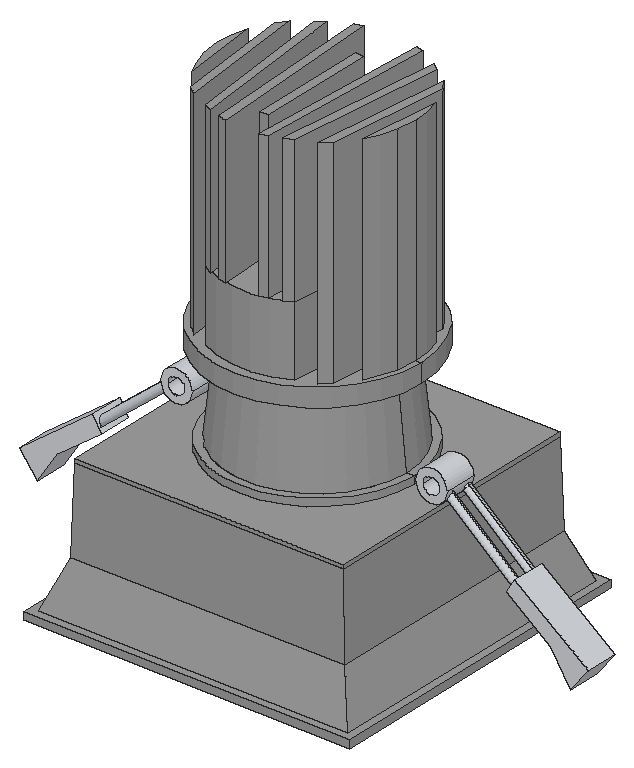
Revit family "Alcon-14119-S-DIR-Revit-Family", category Lighting Fixtures, host Ceiling, Revit 2021
Family settings
  Host = Ceiling
  Round Connector Dimension = Use Diameter
  Part Type = Normal
  OmniClass Number = 23.80.70.11
  OmniClass Title = Luminaries for Internal Lighting
  Always vertical = Yes
  Cut with Voids When Loaded = No
  Light Source = Yes
  Shared = No
  Room Calculation Point = No
Parameters (values of type "Type 1")
  Wattage = 9.2903 W
  built-in parameter 1150110 = 1 (stored number, unit not read)
  built-in parameter 1114217 = 1 (stored number, unit not read)
  Tilt Angle = 60.00°
  built-in parameter 1150109 = 1 (stored number, unit not read)
  built-in parameter 1150134 = (empty or 0)
  built-in parameter 1150113 = 1 (stored number, unit not read)
  built-in parameter 1010507 = 1.5708 (stored number, unit not read)
  built-in parameter 1010506 = 0.5236 (stored number, unit not read)
  Product Identity = "Alcon Lighting 14119-S-DIR"
  Metal = none
  Manufacturer = "Alcon Light"
  Lumens = 1380 lm
  built-in parameter 1150115 = 1 (stored number, unit not read)
  built-in parameter 1150105 = 4614.1 (stored number, unit not read)
  Link To Product Page = "https://www.alconlighting.com/14119-s-dir-html.html"
  Light Source Symbol Length = 10' - 0"
  Light Source = Light Source
  built-in parameter 1150137 = (empty or 0)
  built-in parameter 1150139 = (empty or 0)
  Lens = none
  built-in parameter 1150112 = 1 (stored number, unit not read)
  built-in parameter 1150114 = 1 (stored number, unit not read)
  built-in parameter 1150132 = 2
  built-in parameter 1150102 = (empty or 0)
  built-in parameter 1150138 = (empty or 0)
  built-in parameter 1150107 = 3000 (stored number, unit not read)
  built-in parameter 1150106 = 46.141 (stored number, unit not read)
  Housing = Default
  Engine = Default
  built-in parameter 1150104 = 13.8 (stored number, unit not read)
  Dimming Lamp Color Temperature Shift = <None>
  Default Elevation = 0' - 0"
  Color Filter = 16777215
  built-in parameter 1114218 = 1 (stored number, unit not read)
  built-in parameter 1150133 = 10 (stored number, unit not read)
Reference planes (in)
  plane 1 "Light Source Axis (F/B)": y = 0
  plane 2: z = 0
  plane 3 "Light Source Axis (L/R)": x = 0
  plane 4 "Ceiling": z = 157.73031
  plane 5 "Light Source Elevation": z = 157.10531
Forms (in)
  Extrusion 1, solid, material "Default" <- "Engine"
    sketch origin (0, 0, 164.21946) x (0, 1, 0) y (1, 0, 0)
      loop
        line (0.54725, -0.04227) -> (0.54725, 0.04227) -> (-0.6794, 0.04227) -> (-0.6794, -0.04227) -> (0.54725, -0.04227)
      loop
        arc (0.90894, -0.35207) -> (0.92388, -0.31078) -> (0.93694, -0.26885) r 0.97475
        line (0.93694, -0.26885) -> (-0.95991, -0.16944)
        arc (-0.95991, -0.16944) -> (-0.9513, -0.2125) -> (-0.94076, -0.25513) r 0.97475
        line (-0.94076, -0.25513) -> (0.90894, -0.35207)
      loop
        arc (0.74434, -0.62938) -> (0.77537, -0.59072) -> (0.80448, -0.5506) r 1.0159
        line (0.80448, -0.5506) -> (-0.90125, -0.37132)
        arc (-0.90125, -0.37132) -> (-0.88122, -0.41663) -> (-0.85891, -0.46087) r 0.97475
        line (-0.85891, -0.46087) -> (0.74434, -0.62938)
      loop
        line (0.90894, 0.35207) -> (-0.94076, 0.25513)
        arc (-0.94076, 0.25513) -> (-0.9513, 0.2125) -> (-0.95991, 0.16944) r 0.97475
        line (-0.95991, 0.16944) -> (0.93694, 0.26885)
        arc (0.93694, 0.26885) -> (0.92388, 0.31078) -> (0.90894, 0.35207) r 0.97475
      loop
        line (0.74432, 0.62938) -> (-0.85891, 0.46087)
        arc (-0.85891, 0.46087) -> (-0.88122, 0.41663) -> (-0.90125, 0.37132) r 0.97475
        line (-0.90125, 0.37132) -> (0.80435, 0.55059)
        arc (0.80435, 0.55059) -> (0.77534, 0.59075) -> (0.74432, 0.62938) r 0.97475
    from 1.67915 to 3.17257
  Extrusion 2, solid, material "Default" <- "Engine"
    sketch origin (0, 0, 164.21946) x (0, 1, 0) y (1, 0, 0)
      loop
        arc (0.53357, -0.86451) -> (0.58706, -0.82911) -> (0.63822, -0.79041) r 1.0159
        line (0.63822, -0.79041) -> (-0.78861, -0.64044)
        arc (-0.78861, -0.64044) -> (-0.74661, -0.68893) -> (-0.70165, -0.73468) r 1.0159
        line (-0.70165, -0.73468) -> (0.53357, -0.86451)
      loop
        arc (0, -1.0159) -> (0.16178, -1.00294) -> (0.31943, -0.96438) r 1.0159
        line (0.31943, -0.96438) -> (-0.51295, -0.87689)
        arc (-0.51295, -0.87689) -> (-0.36677, -0.94739) -> (-0.21122, -0.9937) r 1.0159
        line (-0.21122, -0.9937) -> (0, -1.0159)
      loop
        line (0.53357, 0.86451) -> (-0.70165, 0.73468)
        arc (-0.70165, 0.73468) -> (-0.74661, 0.68893) -> (-0.78861, 0.64044) r 1.0159
        line (-0.78861, 0.64044) -> (0.63822, 0.79041)
        arc (0.63822, 0.79041) -> (0.58706, 0.82911) -> (0.53357, 0.86451) r 1.0159
      loop
        line (0, 1.0159) -> (-0.21122, 0.9937)
        arc (-0.21122, 0.9937) -> (-0.36677, 0.94739) -> (-0.51295, 0.87689) r 1.0159
        line (-0.51295, 0.87689) -> (0.31943, 0.96438)
        arc (0.31943, 0.96438) -> (0.16178, 1.00294) -> (0, 1.0159) r 1.0159
    from 1.67915 to 3.88825
  Extrusion 3, solid, material "Default" <- "Engine"
    sketch origin (0, 0, 159.04883) x (0, 1, 0) y (-1, 0, 0)
      loop
        arc (0.74432, -0.62938) -> (0.97475, 0) -> (0.74432, 0.62938) r 0.97475
        line (0.74432, 0.62938) -> (-0.85891, 0.46087)
        arc (-0.85891, 0.46087) -> (-0.97475, 0) -> (-0.85891, -0.46087) r 0.97475
        line (-0.85891, -0.46087) -> (0.74432, -0.62938)
    from 1.28238 to 1.99807
  Extrusion 4, solid, material <- "Metal"
    sketch origin (-0.20757, 0, 0.08951) x (1, 0, 0) y (0, 0, 1)
      loop
        circle (-1.10049, 159.26129) r 0.16048
      loop
        circle (-1.10049, 159.26129) r 0.08524
    from -0.16797 to 0.16797
  Extrusion 5, solid, material <- "Metal"
    sketch origin (-86.71873, 0, 24.91403) x (0.840273, 0, -0.542164) y (0.542164, 0, 0.840273)
      loop
        line (-1.38024, 158.26216) -> (-1.5356, 158.3346) -> (-1.85823, 157.44818) -> (-1.57381, 157.34466) -> (-1.57381, 157.73031) -> (-1.38024, 158.26216)
    from -0.16797 to 0.16797
  Extrusion 6, solid, material <- "Metal"
    sketch origin (-2.08694, 0, 158.67298) x (-0.645051, 0, 0.76414) y (0, -1, 0)
      loop
        circle (0.05869, -0.09783) r 0.04098
      loop
        circle (0.05869, 0.10564) r 0.04098
    from -0.03586 to 0.91861
  Sweep 7, solid, material "Default" <- "Housing"
    path origin (0, 0, 157.73031) x (1, 0, 0) y (0, 1, 0)
      loop
        line (-1.75, -1.75) -> (1.75, -1.75) -> (1.75, 1.75) -> (-1.75, 1.75) -> (-1.75, -1.75)
    profile origin (-1.75, 0, 157.73031) x (-1, 0, 0) y (0, 0, 1)
      loop
        line (-0.075, 0) -> (-0.075, 0.07529) -> (-0.1603, 0.07529) -> (-0.34763, 0.55421) -> (-0.36519, 1.42047) -> (-0.80562, 1.42047) -> (-0.25, 0) -> (-0.075, 0)
  Extrusion 8, solid, material "Default" <- "Housing"
    sketch origin (0, 0, 158.12116) x (1, 0, 0) y (0, 1, 0)
      loop
        circle (0, 0) r 0.70837
      loop
        line (1.38481, 1.38481) -> (-1.38481, 1.38481) -> (-1.38481, -1.38481) -> (1.38481, -1.38481) -> (1.38481, 1.38481)
    from 1.02963 to 1.06916
  Revolve 9, solid, material "Default" <- "Engine"
    sketch origin (0, 0, 62.16069) x (1, 0, 0) y (0, 0, 1)
      loop
        line (0, 97.98025) -> (1.07506, 97.98025) -> (1.07506, 98.17052) -> (0, 98.17052) -> (0, 97.98025)
      axis (0, 98.17052) -> (0, 97.98025)
    angle from 0 to 360
  Revolve 10, solid, material "Default" <- "Engine"
    sketch origin (0, 0, 62.16069) x (1, 0, 0) y (0, 0, 1)
      loop
        line (0.70837, 97.02963) -> (1, 97.02963) -> (1, 97.10447) -> (0.91797, 97.10447)
        arc (0.91797, 97.10447) -> (0.85589, 97.54067) -> (0.82592, 97.98025) r 6.01185
        line (0.82592, 97.98025) -> (0.44076, 97.98025) -> (0.44076, 97.87766) -> (0.70837, 97.02963)
      axis (0, 97.98025) -> (0, 97.02963)
    angle from 0 to 360
  Revolve 11, solid, material "Light Source" <- "Light Source"
    sketch origin (0, 0, 62.16069) x (1, 0, 0) y (0, 0, 1)
      loop
        line (0, 97.87766) -> (0.44076, 97.87766) -> (0.44076, 97.98025) -> (0, 97.98025) -> (0, 97.87766)
      axis (0, 97.98025) -> (0, 97.87766)
    angle from 0 to 360
  Extrusion 12, solid, material <- "Metal"
    sketch origin (0.20757, 0, 0.08951) x (-1, 0, 0) y (0, 0, -1)
      loop
        circle (-1.10049, -159.26129) r 0.16048
      loop
        circle (-1.10049, -159.26129) r 0.08524
    from -0.16797 to 0.16797
  Extrusion 13, solid, material <- "Metal"
    sketch origin (86.71873, 0, 24.91403) x (-0.840273, 0, -0.542164) y (0.542164, 0, -0.840273)
      loop
        line (-1.38024, -158.26216) -> (-1.57381, -157.73031) -> (-1.57381, -157.34466) -> (-1.85823, -157.44818) -> (-1.5356, -158.3346) -> (-1.38024, -158.26216)
    from -0.16797 to 0.16797
  Extrusion 14, solid, material <- "Metal"
    sketch origin (2.08694, 0, 158.67298) x (0.645051, 0, 0.76414) y (0, 1, 0)
      loop
        circle (0.05869, 0.09783) r 0.04098
      loop
        circle (0.05869, -0.10564) r 0.04098
    from -0.03586 to 0.91861
Dimensions and locks (in)
  equal spacing: host sketch curve, plane 3 "Light Source Axis (L/R)", host sketch curve
  equal spacing: host sketch curve, plane 1 "Light Source Axis (F/B)", host sketch curve
  host sketch curve to host sketch curve = 13' - 1.48031"  (x2)
  host ceiling to plane 4 "Ceiling" = 0' - 0"
  aligned and locked: plane 1 "Light Source Axis (F/B)" to imposter light
